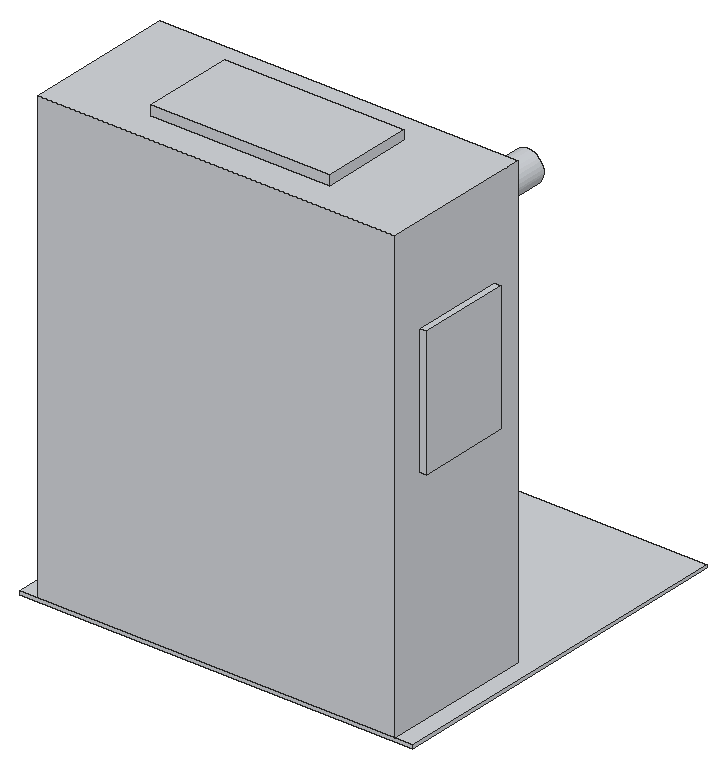
Revit family "6059d8ee0d264e718203e40e351bf80b", category Plumbing Fixtures, host Face, Revit 2021
Family settings
  Host = Face
  Round Connector Dimension = Use Radius
  Part Type = Normal
  OmniClass Number = 23.65.70.14.11
  OmniClass Title = Drinking Fountains/Coolers
  Seek Item ID = Drinking Fountain - Handicap-0000-USA-ENU
  Cut with Voids When Loaded = No
  Shared = No
  Room Calculation Point = No
Parameters (values of type "Standard")
  HWFU = 0
  Fountain Width = 1' - 2"
  Sanitary Radius = 1"
  Sanitary Diameter = Sanitary Radius * 2  # 2"
  WFU = 0.5
  Sink Material = none
  Fountain Length = 1' - 5 5/8"
  Half Fountain Width = Fountain Width / 2  # 0' - 7"
  Half Wall Width = Half Fountain Width + 0' 0 11/16"  # 0' - 7 11/16"
  Flow Pressure [instance] = 8.00 psi
  Faucet Material = none
  Default Elevation = 3' - 0"
  Connector Pos.y 2 = 1' - 1 13/32"
  Connector Pos.x 2 = Half Wall Width + 0' 4"  # 0' - 11 11/16"
  Connector Pos.y 1 = 1' - 0"
  Connector Pos.x 1 = Half Wall Width - 0' 4"  # 0' - 3 11/16"
  Cold Water Radius = 3/16"
  Cold Water Diameter = Cold Water Radius * 2  # 3/8"
  CWFU = 0.25
  Button Material = none
Reference planes (in)
  plane 1 "Center (Front/Back)": y = 0
  plane 2: z = 0
  plane 3 "Center (Left/Right)": x = 0
  plane 4 "Wall Top": y = 8.40625
  plane 5 "Wall Bottom": y = -6
  plane 6 "Wall Left": x = -7.6875
  plane 7 "Wall Right": x = 7.6875
  plane 8 "Wall Thickness": z = 0.125
  plane 9 "Fountain Top": z = 17.75
  plane 10 "Fountain Right": x = 7
  plane 11 "Fountain Left": x = -7
  plane 12: z = 16.3125
  plane 13: z = 5.5
  plane 14: x = 5.875
  plane 15: x = -5.875
  plane 16: x = 4.75
  plane 17: z = 14.875
  plane 18: z = 17.625
  plane 19: z = 16.4375
  plane 20: x = -6.875
  plane 21: x = -6
  plane 22: x = 6.875
  plane 23: x = 6
  plane 24: z = 5.375
  plane 25: z = 0.25
  plane 26: x = 5.75
  plane 27: z = 16.1875
  plane 28: y = -0.125
  plane 29: y = -5.875
  plane 30: z = 15
  plane 31: x = 4.625
  plane 32: y = -2.40625
  plane 33: y = -2.53125
  plane 34: z = 7.125
  plane 35: x = -4.25
  plane 36: y = 1.90625
  plane 37: z = 13.96875
  plane 38: z = 8.9375
  plane 39: x = 7.28125
  plane 40: x = -7.28125
  plane 41: y = -1.1875
  plane 42: y = -4.8125
  plane 43: x = 3.5
  plane 44: x = -3.5
  plane 45: z = 18.125
  plane 46: z = 5
  plane 47: x = 6.1875
  plane 48: x = -6.1875
  plane 49: z = 16.625
  plane 50 "Center 1": x = 5.875
  plane 51 "Center 2": z = 16.3125
  plane 52: x = -4
  plane 53: y = -5
  plane 54: x = 4
  plane 55: y = -3.59375
Forms (in)
  Extrusion 1, solid, material <- "Sink Material"
    sketch origin (0, 0, 0) x (1, 0, 0) y (0, 1, 0)
      loop
        line (-7.6875, 8.40625) -> (-7.6875, -6) -> (7.6875, -6) -> (7.6875, 8.40625) -> (-7.6875, 8.40625)
    from 0 to 0.125
  Extrusion 2, solid, material <- "Sink Material"
    sketch origin (0, 0, 0) x (1, 0, 0) y (0, 0, 1)
      loop
        line (7, 0.125) -> (7, 17.75) -> (-7, 17.75) -> (-7, 0.125) -> (7, 0.125)
      loop
        line (4.75, 16.3125) -> (-5.875, 16.3125) -> (-5.875, 5.5) -> (5.875, 5.5) -> (5.875, 14.875) -> (4.75, 14.875) -> (4.75, 16.3125)
    from 0 to 6
  Extrusion 3, solid, material <- "Sink Material"
    sketch origin (0, 0, 0) x (0, 1, 0) y (0, 0, 1)
      loop
        line (-2.40625, 16.3125) -> (-6, 16.3125) -> (-6, 5.5) -> (-2.40625, 5.5) -> (-2.40625, 16.3125)
    from -5.875 to 5.875
  Extrusion 4, void
    sketch origin (0, 0, 0) x (1, 0, 0) y (0, 0, 1)
      loop
        circle (-4.25, 7.125) r 0.5
    from 2.40625 to 2.53125
  Extrusion 5, solid, material <- "Button Material", detail levels fine
    sketch origin (0, 0, 0) x (1, 0, 0) y (0, 0, 1)
      loop
        line (-7, 13.96875) -> (-7.28125, 13.96875) -> (-7.28125, 8.9375) -> (-7, 8.9375) -> (-7, 13.96875)
    from 1.1875 to 4.8125
  Extrusion 6, solid, material <- "Button Material", detail levels fine
    sketch origin (0, 0, 0) x (1, 0, 0) y (0, 0, 1)
      loop
        line (7.28125, 13.96875) -> (7, 13.96875) -> (7, 8.9375) -> (7.28125, 8.9375) -> (7.28125, 13.96875)
    from 1.1875 to 4.8125
  Extrusion 7, solid, material <- "Button Material", detail levels fine
    sketch origin (0, 0, 0) x (1, 0, 0) y (0, 0, 1)
      loop
        line (3.5, 18.125) -> (-3.5, 18.125) -> (-3.5, 17.75) -> (3.5, 17.75) -> (3.5, 18.125)
    from 1.1875 to 4.8125
  Extrusion 8, solid, material <- "Faucet Material", detail levels fine
    sketch origin (0, 0, 0) x (1, 0, 0) y (0, 0, 1)
      loop
        arc (6.26019, 15.82031) -> (6.36719, 16.69769) -> (5.48981, 16.80469) r 0.625
        line (5.48981, 16.80469) -> (6.26019, 15.82031)
    from -1.90625 to 0
  Extrusion 9, solid, material <- "Sink Material"
    sketch origin (0, 0, 0) x (1, 0, 0) y (0, 1, 0)
      loop
        circle (-4, -5) r 0.39497
    from 0 to 0.125
  Extrusion 10, solid, material <- "Sink Material"
    sketch origin (0, 0, 0) x (1, 0, 0) y (0, 1, 0)
      loop
        circle (4, -3.59375) r 0.25
    from 0 to 0.125
  Extrusion 11, solid, material <- "Sink Material"
    sketch origin (0, 0, 0) x (1, 0, 0) y (0, 0, 1)
      loop
        circle (-4.25, 7.125) r 0.5
    from 2.40625 to 2.53125
Cuts and joins
  Extrusion 4 cuts Extrusion 2
  Extrusion 4 cuts Extrusion 3
  joined: Extrusion 2, Extrusion 3
  joined: Extrusion 9, Extrusion 10
  joined: Extrusion 5, Extrusion 6, Extrusion 7
Lines and regions (in)
  reference lines
    curve 1: line (7, 0, 14.875) -> (4.75, 0, 17.75)
Dimensions and locks (in)
  plane 4 "Wall Top" to plane 1 "Center (Front/Back)" = 0' - 8 13/32"
  plane 5 "Wall Bottom" to plane 1 "Center (Front/Back)" = 0' - 6"
  equal spacing: plane 6 "Wall Left", plane 3 "Center (Left/Right)", plane 7 "Wall Right"
  "Half Wall Width": plane 6 "Wall Left" to plane 3 "Center (Left/Right)"
  locked: plane 8 "Wall Thickness" to plane 2 at 0.125
  "Fountain Length": plane 9 "Fountain Top" to plane 8 "Wall Thickness"
  equal spacing: plane 11 "Fountain Left", plane 3 "Center (Left/Right)", plane 10 "Fountain Right"
  "Half Fountain Width": plane 3 "Center (Left/Right)" to plane 10 "Fountain Right"
  locked: plane 12 to plane 9 "Fountain Top" at 1.4375
  locked: plane 13 to plane 12 at 10.8125
  locked: plane 16 to plane 10 "Fountain Right" at 2.25
  locked: plane 17 to plane 9 "Fountain Top" at 2.875
  locked: plane 18 to plane 9 "Fountain Top" at 0.125
  locked: plane 15 to plane 21 at 0.125
  locked: plane 11 "Fountain Left" to plane 20 at 0.125
  locked: plane 12 to plane 19 at 0.125
  locked: plane 22 to plane 10 "Fountain Right" at 0.125
  locked: plane 23 to plane 14 at 0.125
  locked: plane 24 to plane 13 at 0.125
  locked: Extrusion 1 to plane 25 at 0.125
  locked: plane 14 to plane 26 at 0.125
  plane 27 to Extrusion 2 = 0' - 0 1/8"
  locked: plane 1 "Center (Front/Back)" to plane 28 at 0.125
  locked: plane 29 to plane 5 "Wall Bottom" at 0.125
  locked: plane 30 to plane 17 at 0.125
  locked: plane 31 to plane 16 at 0.125
  locked: plane 1 "Center (Front/Back)" to plane 32 at 2.40625
  locked: plane 32 to plane 33 at 0.125
  locked: cut or joined group of Extrusion 2, Extrusion 3, Extrusion 4 to plane 35 at 1.625
  locked: plane 13 to plane 34 at 1.625
  locked: plane 36 to plane 1 "Center (Front/Back)" at 1.90625
  locked: plane 37 to plane 9 "Fountain Top" at 3.78125
  locked: plane 38 to plane 37 at 5.03125
  locked: plane 1 "Center (Front/Back)" to plane 41 at 1.1875
  locked: plane 42 to plane 5 "Wall Bottom" at 1.1875
  equal spacing: plane 44, plane 3 "Center (Left/Right)", plane 43
  plane 3 "Center (Left/Right)" to plane 43 = 0' - 3 1/2"
  locked: plane 9 "Fountain Top" to plane 45 at 0.375
  locked: plane 2 to plane 46 at 5
  locked: plane 7 "Wall Right" to plane 47 at 1.5
  locked: plane 6 "Wall Left" to plane 48 at 1.5
  locked: plane 49 to plane 45 at 1.5
  equal spacing: plane 16, plane 50 "Center 1", plane 10 "Fountain Right"
  equal spacing: plane 17, plane 51 "Center 2", plane 9 "Fountain Top"
  "Connector Pos.x 2": plane 52 to plane 7 "Wall Right"
  "Connector Pos.y 2": plane 4 "Wall Top" to plane 53
  "Connector Pos.x 1": plane 54 to plane 7 "Wall Right"
  "Connector Pos.y 1": plane 4 "Wall Top" to plane 55
  radius of cut or joined group of Extrusion 2, Extrusion 3, Extrusion 4 = 0' - 0 1/2"
  radius of Extrusion 8 sketch curve = 0' - 0 5/8"
  radius of Extrusion 11 sketch curve = 0' - 0 1/2"
  aligned and locked: plane 2 to host face
  aligned and locked: level to host face
  aligned and locked: plane 6 "Wall Left" to Extrusion 1 sketch curve
  aligned and locked: Extrusion 1 sketch curve to plane 4 "Wall Top"
  aligned and locked: plane 5 "Wall Bottom" to Extrusion 1 sketch curve
  aligned and locked: Extrusion 1 sketch curve to plane 7 "Wall Right"
  aligned and locked: Extrusion 1 to level
  aligned and locked: plane 8 "Wall Thickness" to Extrusion 1
  aligned and locked: plane 10 "Fountain Right" to Extrusion 2 sketch curve
  aligned and locked: plane 8 "Wall Thickness" to Extrusion 2 sketch curve
  aligned and locked: plane 9 "Fountain Top" to Extrusion 2 sketch curve
  aligned and locked: Extrusion 2 sketch curve to plane 11 "Fountain Left"
  aligned and locked: plane 16 to Extrusion 2 sketch curve
  aligned and locked: Extrusion 2 sketch curve to plane 14
  aligned and locked: Extrusion 2 sketch curve to plane 17
  aligned and locked: Extrusion 2 sketch curve to plane 13
  aligned and locked: plane 15 to Extrusion 2 sketch curve
  aligned and locked: Extrusion 2 sketch curve to plane 12
  aligned and locked: Extrusion 2 to plane 1 "Center (Front/Back)"
  aligned and locked: Extrusion 2 to plane 5 "Wall Bottom"
  aligned and locked: plane 32 to Extrusion 3 sketch curve
  aligned and locked: plane 13 to Extrusion 3 sketch curve
  aligned and locked: Extrusion 3 sketch curve to plane 12
  aligned and locked: Extrusion 3 to plane 15
  aligned and locked: plane 14 to Extrusion 3
  aligned and locked: plane 35 to Extrusion 4 sketch curve
  aligned and locked: plane 34 to Extrusion 4 sketch curve
  aligned and locked: Extrusion 4 to plane 32
  aligned and locked: plane 11 "Fountain Left" to Extrusion 5 sketch curve
  aligned and locked: plane 37 to Extrusion 5 sketch curve
  aligned and locked: plane 38 to Extrusion 5 sketch curve
  aligned and locked: Extrusion 5 sketch curve to plane 40
  aligned and locked: Extrusion 5 to plane 41
  aligned and locked: plane 42 to Extrusion 5
  aligned and locked: plane 37 to Extrusion 5
  aligned and locked: Extrusion 5 to plane 38
  aligned and locked: plane 39 to Extrusion 6 sketch curve
  aligned and locked: plane 37 to Extrusion 6 sketch curve
  aligned and locked: plane 38 to Extrusion 6 sketch curve
  aligned and locked: Extrusion 6 sketch curve to cut or joined group of Extrusion 2, Extrusion 3, Extrusion 4
  aligned and locked: plane 42 to Extrusion 6
  aligned and locked: Extrusion 6 to plane 41
  aligned and locked: plane 37 to Extrusion 6
  aligned and locked: Extrusion 6 to plane 38
  aligned and locked: plane 43 to Extrusion 7 sketch curve
  aligned and locked: Extrusion 7 sketch curve to plane 45
  aligned and locked: plane 9 "Fountain Top" to Extrusion 7 sketch curve
  aligned and locked: plane 44 to Extrusion 7 sketch curve
  aligned and locked: Extrusion 7 to plane 41
  aligned and locked: plane 42 to Extrusion 7
  aligned and locked: Extrusion 7 to plane 45
  aligned and locked: Extrusion 7 to plane 9 "Fountain Top"
  aligned and locked: Extrusion 8 to plane 36
  aligned and locked: plane 1 "Center (Front/Back)" to Extrusion 8
  aligned and locked: plane 51 "Center 2" to Extrusion 8 sketch curve
  aligned and locked: plane 50 "Center 1" to Extrusion 8 sketch curve
  aligned and locked: curve 1 to Extrusion 8 sketch curve
  aligned and locked: Extrusion 10 to level
  aligned and locked: plane 8 "Wall Thickness" to Extrusion 10
  aligned and locked: Extrusion 9 to level
  aligned and locked: plane 8 "Wall Thickness" to Extrusion 9
  aligned and locked: plane 35 to Extrusion 11 sketch curve
  aligned and locked: plane 34 to Extrusion 11 sketch curve
  aligned and locked: Extrusion 3 to plane 5 "Wall Bottom"
Automatic sketch dimensions
  plane 33 to Extrusion 3 sketch curve = 0' - 3 15/32"
  curve 1 to plane 9 "Fountain Top" = 0' - 0"
  curve 1 to plane 16 = 0' - 0"
  curve 1 to plane 10 "Fountain Right" = 0' - 0"
  curve 1 to plane 17 = 0' - 0"
  Extrusion 10 sketch curve to plane 54 = 0' - 0"
  Extrusion 10 sketch curve to plane 55 = 0' - 0"
  Extrusion 9 sketch curve to plane 52 = 0' - 0"
  Extrusion 9 sketch curve to plane 53 = 0' - 0"
  host sketch curve to host sketch curve = 5' - 2.70538"
  host sketch curve to host sketch curve = 8' - 0"
  radius of Extrusion 4 sketch curve = 0' - 0 1/2"
  radius of Extrusion 10 sketch curve = 0' - 0 1/4"
  radius of Extrusion 9 sketch curve = 0' - 0.39497"
Connectors (in)
  piping at (4, -3.59375, 0), diameter 0.375, driven by "Cold Water Radius", driven by "Flow Pressure", driven by "CWFU"
    settings: on cut or joined group of Extrusion 9, Extrusion 10, index 1, connector inside diameter 3/8", connector length 0' - 0", flow factor 0, pipe flow 0 GPM, pressure drop 8.00 psi, fitting loss kfactor 0, connector angle 0.00°, fixture units 0.25, engagement length 0' - 0", angle of deflection 0.00°, flow configuration 3, flow direction 1, fitting loss method 4, system type 20, joint type 0, gender type 0, connector reference index -1, connector utility 0, adjustable connector no, is connector primary yes, connector description "In"
  piping at (-4, -5, 0), diameter 2, driven by "Sanitary Radius", driven by "WFU"
    settings: on cut or joined group of Extrusion 9, Extrusion 10, index 2, connector inside diameter 2", connector length 0' - 0", flow factor 0, pipe flow 0 GPM, pressure drop 0.00 psi, fitting loss kfactor 0, connector angle 0.00°, fixture units 0.5, engagement length 0' - 0", angle of deflection 0.00°, flow configuration 3, flow direction 2, fitting loss method 0, system type 16, joint type 0, gender type 0, connector reference index -1, connector utility 0, adjustable connector yes, is connector primary no, connector description "Out"
